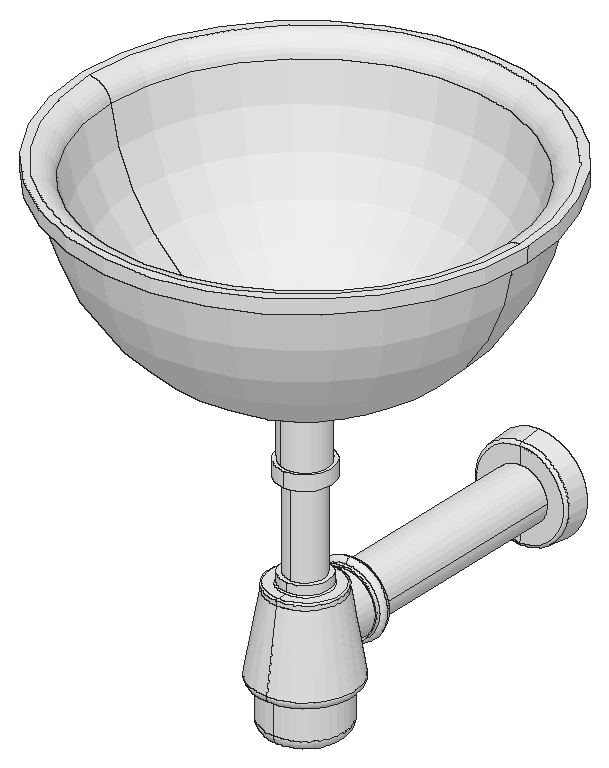
Revit family "2Celite_Embutir_Cuba Redonda_10129", category Plumbing Fixtures, Revit 2014
Parameters (values of type "Branca - 10129")
  WFU = 2
  Type Comments = ""
  Raio Ponto de Esgoto = 20 mm
  Place on face [instance] = no
  Outros Complementos [instance] = "Sifão para lavatório 1\"x1.1⁄2\" com tubo de 300 mm (B5816C5CRB) + Válvula de escoamento para lavatório, 1\" sem ladrão com tampa plástica (B5828C5CR3), linha Complementos - Metais Celite"
  Louças [instance] = Celite - Louça_Branca
  Desnível Aux. Ponto de Esgoto [instance] = 300 mm
  HWFU = 0
  Diâmetro Ponto de Esgoto = Raio Ponto de Esgoto * 2  # 40 mm
  Distância Parede/Face [instance] = 50 mm
  Tipo de Sifão [instance] = Celite_Complementos_Sifão de Uso Geral : Sifão para lavatório - B5816C5CRB
  Complemento Celite [instance] = yes
  URL = "http://www.celite.com.br"
  Selo de Qualidade ofcdesk = "Standard"  # constant formula
  Model = Celite: Código  # "10129"
  Metais [instance] = Celite - Cromado
  Manufacturer = Celite: Fabricante  # "Celite"
  Elevação somente no plano [instance] = 800 mm
  Description = Celite: Descrição  # "Cuba redonda cor branca (10129), linha Embutir - Louças Celite"
  Default Elevation = 0 mm
  Desenvolvido por = "ofcdesk"  # constant formula
  Com Válvula (quantificável) [instance] = yes
  Com Sifão (quantificável) [instance] = yes
  Celite: Versão = "Autodesk Revit MEP 2014"  # constant formula
  Celite: Vazão de Esgoto [instance] = 0.0 L/s
  Celite: Tipo = "Cubas"  # constant formula
  Celite: Produto = "Louças"  # constant formula
  Celite: Norma = "ABNT NBR 15097-1: 2011 - Requisitos e métodos de ensaio"
  Celite: Link do Produto = "http://www.celite.com.br/pt/produtos/categoria/1/tipo/1/subtipo/3/"
  Celite: Linha = "Embutir "  # constant formula
  Celite: Informações Técnicas [instance] = "N/A"
  Celite: Informações Gerais [instance] = "N/A"
  Celite: Fabricante = "Celite"  # constant formula
  Celite: Desenho Técnico = "http://www.celite.com.br/media/uploads/desenhos_tecnicos/10129.gif"
  Celite: Descrição = "Cuba redonda cor branca (10129), linha Embutir - Louças Celite"
  Celite: Código = "10129"
  Celite: Cores Disponíveis = "Branco"
  Celite: Copyright © = "© 2014 Celite"  # constant formula
  Celite: Complementos [instance] = if(Complemento Celite, Outros Complementos, "N/A")  # "Sifão para lavatório 1\"x1.1⁄2\" com tubo de 300 mm (B5816C5CRB) + Válvula de escoamento para lavatório, 1\" sem ladrão com tampa plástica (B5828C5CR3), linha Complementos - Metais Celite"
  Celite: Categoria = "Cubas e Lavatórios"  # constant formula
  Celite: Altura da torneira [instance] = Elevação somente no plano  # 800 mm
  Celite: Altura da Peça [instance] = Elevação somente no plano  # 800 mm
  Celite: Altura Ponto de Esgoto [instance] = Altura Ponto de Esgoto  # 500 mm
  CWFU = 0
  Assembly Code = "D2010400"
  Desnível Ponto de Esgoto [instance] = if(not(Place on face), Elevação somente no plano - Altura Ponto de Esgoto, Desnível Aux. Ponto de Esgoto)  # 300 mm
  Altura Ponto de Esgoto [instance] = 500 mm
Types (6, lengths in mm): name | Louças | Description | Celite: Descrição | Celite: Cores Disponíveis
  (no name) | Celite - Louça_Branca | "Cuba redonda cor branca (10129), linha Embutir - Louças Celite" | "Cuba redonda cor branca (10129), linha Embutir - Louças Celite" | "Branco"
  Branca - 10129 | Celite - Louça_Branca | "Cuba redonda cor branca (10129), linha Embutir - Louças Celite" | "Cuba redonda cor branca (10129), linha Embutir - Louças Celite" | "Branco"
  Pergamon - 10129 | Celite - Louça_Pergamon | "Cuba redonda cor pergamon (10129), linha Embutir - Louças Celite" | "Cuba redonda cor pergamon (10129), linha Embutir - Louças Celite" | "Pergamon"
  Água marinha - 10129 | Celite - Louça_ÁguaMarinha | "Cuba redonda cor água marinha (10129), linha Embutir - Louças Celite" | "Cuba redonda cor água marinha (10129), linha Embutir - Louças Celite" | "Água marinha"
  Preta - 10129 | Celite - Louça_Preta | "Cuba redonda cor preta (10129), linha Embutir - Louças Celite" | "Cuba redonda cor preta (10129), linha Embutir - Louças Celite" | "Preto"
  Cinza prata - 10129 | Celite - Louça_CinzaPrata | "Cuba redonda cor cinza prata (10129), linha Embutir - Louças Celite" | "Cuba redonda cor cinza prata (10129), linha Embutir - Louças Celite" | "Cinza prata"
Reference planes
  plane 1 "Center (Front/Back)": y = 0
  plane 2: z = 0
  plane 3 "Center (Left/Right)": x = 0
  plane 4: z = 800
  plane 5: y = -50
  plane 6: z = 500
  plane 7: y = -210
  plane 8: y = -50
  plane 9: z = 607.793
  plane 10: z = 599.5
Dimensions and locks
  "Elevação somente no plano": plane 4 to plane 2
  "Distância Parede/Face": plane 1 "Center (Front/Back)" to plane 5
  "Desnível Ponto de Esgoto": plane 4 to plane 6
  plane 5 to plane 8 to plane 7 = 0 mm, 160 mm locked
  plane 4 to plane 9 to plane 10 = 192.207 mm locked, 8.293 mm locked
  aligned and locked: level to plane 2
  aligned and locked: nested 2 to plane 7
  aligned and locked: plane 1 "Center (Front/Back)" to nested 2
  aligned and locked: plane 6 to nested 2
  aligned and locked: plane 9 to nested 2
  aligned and locked: plane 8 to nested 3
Nested families
  nested 1: "Celite_Complementos_Válvula de Escoamento" at (0, -210.393, 670) x (-0.3097, -0.9508, 0) z (0, 0, 1), Metais <- "Metais", visible <- "Com Válvula (quantificável)", type "Válvula de escoamento para lavatório - B5828C5CR3"
    with Raio2 30 mm, Raio1 16 mm, Raio furo 15 mm, Metais Celite - Cromado, L/Rosca 62.018 mm, Comprimento 70.5 mm, Celite: Norma "ABNT NBR 15423:2006 - Requisitos e métodos de ensaio"
  nested 2: "Celite_Complementos_Sifão de Uso Geral" at (0, 0, 500), visible <- "Com Sifão (quantificável)", Metais <- "Metais", Celite: Vazão de Projeto <- "Celite: Vazão de Esgoto", type "Sifão para lavatório - B5816C5CRB"
    with Raio1 16 mm, Metais Celite - Cromado, Elevação 0 mm, Celite: Vazão de Projeto 0.0 L/s, Celite: Informações Técnicas "N/A", Celite: Informações Gerais "N/A", Celite: Altura da Peça 0 mm, Ajuste Vetical no Lavatório 107.793 mm, Afastamento da Parede 210 mm
  nested 3: "10129" at (0, -210, 800), Louças <- "Louças", type "10129"
    with Louças Celite - Louça_Branca
Connectors
  piping at (0, -14.131, 500), diameter 40, driven by "Raio Ponto de Esgoto", driven by "Celite: Vazão de Esgoto", driven by "WFU"
    settings: on nested 2, index 1, connector inside diameter 609.6 mm, connector length 0 mm, flow factor 0, pipe flow 0.0 L/s, pressure drop 0.0 kPa, fitting loss kfactor 0, connector angle 0.00°, fixture units 2, engagement length 0 mm, angle of deflection 0.00°, flow configuration 3, flow direction 2, fitting loss method 0, system type 16, joint type 0, gender type 0, connector reference index -1, connector utility 0, adjustable connector no, is connector primary yes, connector description ""
Definition of nested family "Celite_Complementos_Válvula de Escoamento"
  Parameters (values of type "Válvula de escoamento para lavatório - B5828C5CR3")
    Waste Connection = 1 = 0  # no
    WFU = 0  # constant formula
    Vent Connection = 1 = 0  # no
    URL = "http://www.celite.com.br"
    Selo de Qualidade ofcdesk = "Standard"  # constant formula
    Raio1 [instance] = 16 mm
    Raio2 [instance] = 30 mm
    Raio furo [instance] = 15 mm
    Model = Celite: Código  # "B5828C5CR3"
    Metais [instance] = Celite - Cromado
    Manufacturer = Celite: Fabricante  # "Celite"
    L/Rosca [instance] = 59.5 mm
    HWFU = 0  # constant formula
    HW Connection = 1 = 0  # no
    Desenvolvido por = "ofcdesk"  # constant formula
    Description = Celite: Descrição  # "Válvula de escoamento para lavatório, 1\" sem ladrão com tampa plástica (B5828C5CR3), Complementos - Metais Celite"
    Default Elevation = 0 mm
    Comprimento [instance] = 70.5 mm
    Celite: Versão = "Autodesk Revit MEP 2014"  # constant formula
    Celite: Tipo = "Válvulas de escoamento"  # constant formula
    Celite: Produto = "Metais"  # constant formula
    Celite: Norma [instance] = "ABNT NBR 15423:2006 - Requisitos e métodos de ensaio"
    Celite: Link do Produto = "http://www.celite.com.br/pt/produtos/categoria/2/tipo/10/subtipo/19/"
    Celite: Linha = "Válvulas"  # constant formula
    Celite: Informações Técnicas = "N/A"
    Celite: Informações Gerais = "N/A"
    Celite: Fabricante = "Celite"  # constant formula
    Celite: Desenho Técnico = "http://www.celite.com.br/media/uploads/desenhos_tecnicos/A5828C5CR3_Valvula_de_escoamento_Lavatorio.pdf"
    Celite: Descrição = "Válvula de escoamento para lavatório, 1\" sem ladrão com tampa plástica (B5828C5CR3), Complementos - Metais Celite"
    Celite: Código = "B5828C5CR3"
    Celite: Cores Disponíveis = "Cromado"
    Celite: Copyright © = "© 2014 Celite"  # constant formula
    Celite: Categoria = "Complementos"  # constant formula
    CW Connection = 1 = 0  # no
    Assembly Code = "D2010"
  Types (5, lengths in mm): name | Raio1 | Raio2 | Raio furo | Model | L/Rosca | Description | Comprimento | Celite: Desenho Técnico | Celite: Descrição | Celite: Código
    (no name) | 16 | 30 | 15 | "B5828C5CR3" | 59.5 | "Válvula de escoamento para lavatório, 1\" sem ladrão com tampa plástica (B5828C5CR3), Complementos - Metais Celite" | 70.5 | "http://www.celite.com.br/media/uploads/desenhos_tecnicos/A5828C5CR3_Valvula_de_escoamento_Lavatorio.pdf" | "Válvula de escoamento para lavatório, 1\" sem ladrão com tampa plástica (B5828C5CR3), Complementos - Metais Celite" | "B5828C5CR3"
    Válvula de escoamento para lavatório - B5828C5CR3 | 16 | 30 | 15 | "B5828C5CR3" | 59.5 | "Válvula de escoamento para lavatório, 1\" sem ladrão com tampa plástica (B5828C5CR3), Complementos - Metais Celite" | 70.5 | "http://www.celite.com.br/media/uploads/desenhos_tecnicos/A5828C5CR3_Valvula_de_escoamento_Lavatorio.pdf" | "Válvula de escoamento para lavatório, 1\" sem ladrão com tampa plástica (B5828C5CR3), Complementos - Metais Celite" | "B5828C5CR3"
    Válvula de escoamento para tanque - B5829C5CR3 | 20 | 32.8 | 18 | "B5829C5CR3" | 57 | "Válvula de escoamento para tanque (B5829C5CR3), Complementos - Metais Celite" | 65.5 | "http://www.celite.com.br/media/uploads/desenhos_tecnicos/A5829C5CR3_Valvula_de_escoamento_Tanque.pdf" | "Válvula de escoamento para tanque (B5829C5CR3), Complementos - Metais Celite" | "B5829C5CR3"
    Válvula de escoamento para cozinha - B5830C5CRB | 25 | 44 | 25 | "B5830C5CRB" | 35 | "Válvula de escoamento para cozinha, 3.1/2\" x 1.1/2\" com cesta metal (B5830C5CRB), Complementos - Metais Celite" | 45 | "http://www.celite.com.br/media/uploads/desenhos_tecnicos/A5830C5CRB_Valvula_de_escoamento_Cozinha_3-1.2.pdf" | "Válvula de escoamento para cozinha, 3.1/2\" x 1.1/2\" com cesta metal (B5830C5CRB), Complementos - Metais Celite" | "B5830C5CRB"
    Válvula de escoamento para cozinha - B5831C5CRB | 25 | 56.5 | 30 | "B5831C5CRB" | 35 | "Válvula de escoamento para cozinha, 4.1/2\" x 1.1/2\" com cesta metal (B5831C5CRB), Complementos - Metais Celite" | 49 | "http://www.celite.com.br/media/uploads/desenhos_tecnicos/A5831C5CRB_Valvula_de_escoamento_Cozinha_4-1.2.pdf" | "Válvula de escoamento para cozinha, 4.1/2\" x 1.1/2\" com cesta metal (B5831C5CRB), Complementos - Metais Celite" | "B5831C5CRB"
  Reference planes
    plane 1 "Center (Front/Back)": y = 0
    plane 2: z = 0
    plane 3 "Center (Left/Right)": x = 0
    plane 4: z = -70.5
    plane 5: z = -11
  Forms (mm)
    Extrusion 1, solid
      sketch origin (0, 0, 0) x (1, 0, 0) y (0, 1, 0)
        loop
          line (-400, 400) -> (-400, -400.224) -> (399.59, -400.224) -> (399.59, 400) -> (-400, 400)
      from 0 to -304.8
    Revolve 2, solid, material "Celite - Cromado" <- "Metais"
      sketch origin (0, 0, 0) x (1, 0, 0) y (0, 0, 1)
        loop
          line (0, -8.185) -> (-15, -8.185) -> (-15, 1) -> (-30, 1) -> (-30, 0) -> (-16, -11) -> (-16, -70.5) -> (0, -70.5) -> (0, -8.185)
        axis (0, 1) -> (0, -70.5)
      angle from 0 to 360
  Dimensions and locks
    "Comprimento": level to plane 4
    "L/Rosca": plane 5 to plane 4
    "Raio1": plane 3 "Center (Left/Right)" to Revolve 2 sketch curve
    "Raio2": plane 3 "Center (Left/Right)" to Revolve 2 sketch curve
    locked: plane 2 to Revolve 2 sketch curve at 8.185
    "Raio furo": plane 3 "Center (Left/Right)" to Revolve 2 sketch curve
    aligned and locked: plane 2 to Extrusion 1
    aligned and locked: level to Extrusion 1
    aligned and locked: Revolve 2 sketch curve to plane 3 "Center (Left/Right)"  (x2)
    aligned and locked: plane 5 to Revolve 2 sketch curve
    aligned and locked: plane 4 to Revolve 2 sketch curve
    aligned and locked: level to Revolve 2 sketch curve
  Automatic sketch dimensions
    Extrusion 1 sketch curve to Extrusion 1 sketch curve = 799.59 mm
    Extrusion 1 sketch curve to Extrusion 1 sketch curve = 800.224 mm
    Revolve 2 sketch curve to Revolve 2 sketch curve = 1 mm
    level to Revolve 2 sketch curve = 25 mm
    Revolve 2 sketch curve to Revolve 2 sketch curve = 60 mm
Definition of nested family "Celite_Complementos_Sifão de Uso Geral"
  Parameters (values of type "Sifão para cozinha - B5817C5CRB")
    WFU = 2
    URL = "http://www.celite.com.br"
    Selo de Qualidade ofcdesk = "Standard"  # constant formula
    Raio1 [instance] = 16 mm
    Raio Ponto de Esgoto = 20 mm
    Model = Celite: Código  # "B5817C5CRB"
    Metais [instance] = Celite - Cromado
    Manufacturer = Celite: Fabricante  # "Celite"
    Elevação [instance] = 680 mm
    Diâmetro Ponto de Esgoto = Raio Ponto de Esgoto * 2  # 40 mm
    Desenvolvido por = "ofcdesk"  # constant formula
    Description = Celite: Descrição  # "Sifão para cozinha 1.1⁄2”x 1.1⁄2” com tubo de 300 mm (B5817C5CRB), linha Complementos - Metais Celite"
    Default Elevation = 0 mm
    Celite: Versão = "Autodesk Revit MEP 2014"  # constant formula
    Celite: Vazão de Projeto [instance] = 0.0 L/s
    Celite: Tipo = "Sifões"  # constant formula
    Celite: Produto = "Metais"  # constant formula
    Celite: Norma = "ABNT NBR 14162:2011 - Requisitos e métodos de ensaio"
    Celite: Link do Produto = "http://www.celite.com.br/pt/produtos/categoria/2/tipo/10/subtipo/9/"
    Celite: Linha = "Complementos"  # constant formula
    Celite: Informações Técnicas [instance] = "N/A"
    Celite: Informações Gerais [instance] = "N/A"
    Celite: Fabricante = "Celite"  # constant formula
    Celite: Desenho Técnico = "http://www.celite.com.br/media/uploads/desenhos_tecnicos/A5817C5CRB.gif"
    Celite: Descrição = "Sifão para cozinha 1.1⁄2”x 1.1⁄2” com tubo de 300 mm (B5817C5CRB), linha Complementos - Metais Celite"
    Celite: Código = "B5817C5CRB"
    Celite: Cores Disponíveis = "Cromado"
    Celite: Copyright © = "© 2014 Celite"  # constant formula
    Celite: Categoria = "Cozinhas e Lavatórios"  # constant formula
    Celite: Altura da Peça [instance] = Elevação  # 680 mm
    Assembly Code = "D2010"
    Ajuste Vetical no Lavatório [instance] = 100 mm
    Afastamento da Parede [instance] = 300 mm
  Types (6, lengths in mm): name | Raio Ponto de Esgoto | Model | Diâmetro Ponto de Esgoto | Description | Celite: Desenho Técnico | Celite: Descrição | Celite: Código
    (no name) | 20 | "B5817C5CRB" | 40 | "Sifão para cozinha 1.1⁄2”x 1.1⁄2” com tubo de 300 mm (B5817C5CRB), linha Complementos - Metais Celite" | "http://www.celite.com.br/media/uploads/desenhos_tecnicos/A5817C5CRB.gif" | "Sifão para cozinha 1.1⁄2”x 1.1⁄2” com tubo de 300 mm (B5817C5CRB), linha Complementos - Metais Celite" | "B5817C5CRB"
    Sifão para lavatório - B5816C5CRB | 20 | "B5816C5CRB" | 40 | "Sifão para lavatório 1\"x1.1⁄2\" com tubo de 300 mm (B5816C5CRB), linha Complementos - Metais Celite" | "http://www.celite.com.br/media/uploads/desenhos_tecnicos/A5816C5CRB.gif" | "Sifão para lavatório 1\"x1.1⁄2\" com tubo de 300 mm (B5816C5CRB), linha Complementos - Metais Celite" | "B5816C5CRB"
    Sifão para tanque com adaptador para 2" - B5005C5CRB | 30 | "B5005C5CRB" | 60 | "Sifão para tanque 1.1⁄4”x 1.1⁄2” com adaptador para 2” e tubo de 200 mm (B5005C5CRB), linha Complementos - Metais Celite" | "http://www.celite.com.br/media/uploads/desenhos_tecnicos/A5005C5CRB.gif" | "Sifão para tanque 1.1⁄4”x 1.1⁄2” com adaptador para 2” e tubo de 200 mm (B5005C5CRB), linha Complementos - Metais Celite" | "B5005C5CRB"
    Sifão para tanque - B5005C5CRB | 20 | "B5005C5CRB" | 40 | "Sifão para tanque 1.1⁄4”x 1.1⁄2” e tubo de 200 mm (B5005C5CRB), linha Complementos - Metais Celite" | "http://www.celite.com.br/media/uploads/desenhos_tecnicos/A5005C5CRB.gif" | "Sifão para tanque 1.1⁄4”x 1.1⁄2” e tubo de 200 mm (B5005C5CRB), linha Complementos - Metais Celite" | "B5005C5CRB"
    Sifão para cozinha com adaptador para 2" - B5817C5CRB | 30 | "B5817C5CRB" | 60 | "Sifão para cozinha 1.1⁄2”x 1.1⁄2” com adaptador para 2” e tubo de 300 mm (B5817C5CRB), linha Complementos - Metais Celite" | "http://www.celite.com.br/media/uploads/desenhos_tecnicos/A5817C5CRB.gif" | "Sifão para cozinha 1.1⁄2”x 1.1⁄2” com adaptador para 2” e tubo de 300 mm (B5817C5CRB), linha Complementos - Metais Celite" | "B5817C5CRB"
    Sifão para cozinha - B5817C5CRB | 20 | "B5817C5CRB" | 40 | "Sifão para cozinha 1.1⁄2”x 1.1⁄2” com tubo de 300 mm (B5817C5CRB), linha Complementos - Metais Celite" | "http://www.celite.com.br/media/uploads/desenhos_tecnicos/A5817C5CRB.gif" | "Sifão para cozinha 1.1⁄2”x 1.1⁄2” com tubo de 300 mm (B5817C5CRB), linha Complementos - Metais Celite" | "B5817C5CRB"
  Reference planes
    plane 1 "Center (Front/Back)": y = 0
    plane 2: z = 0
    plane 3 "Center (Left/Right)": x = 0
    plane 4: y = -300
    plane 5: z = 780
    plane 6: z = 680
  Forms (mm)
    Sweep 1, solid, material "Celite - Cromado" <- "Metais"
      path origin (0, 1442.421, 680) x (0, 1, 0) y (-1, 0, 0)
        loop
          line (-1442.421, 0) -> (-1697.421, 0)
      profile origin (0, -127.5, 680) x (1, 0, 0) y (0, 0, 1)
        loop
          circle (0, 0) r 19.05
        loop
          circle (0, 0) r 16
    Revolve 2, solid, material "Celite - Cromado" <- "Metais"
      sketch origin (0, 0, 0) x (0, 1, 0) y (0, 0, 1)
        loop
          line (-255, 680) -> (-255, 701.589)
          arc (-255, 701.589) -> (-256.067, 704.702) -> (-258.821, 706.505) r 5.073
          arc (-258.821, 706.505) -> (-261.574, 706.108) -> (-263.24, 703.88) r 3.635
          line (-263.24, 703.88) -> (-265.857, 703.88) -> (-265.857, 680) -> (-255, 680)
        axis (-265.857, 680) -> (-255, 680)
      angle from 0 to 360
    SweptBlend 3, solid, material "Celite - Cromado" <- "Metais"
      path origin (0, 0, 0) x (0, 1, 0) y (0, 0, 1)
        loop
          line (-265.857, 680) -> (-300, 680)
      profile origin (0, -265.857, 680) x (0, 0, -1) y (1, 0, 0)
        loop
          circle (0, 0) r 22.486
      end profile origin (0, -300, 680) x (0, 0, -1) y (1, 0, 0)
        loop
          circle (0, 0) r 21.589
    Revolve 4, solid, material "Celite - Cromado" <- "Metais"
      sketch origin (0, 0, 0) x (0, 1, 0) y (0, 0, 1)
        loop
          line (-300, 704.157) -> (-274.606, 704.157) -> (-274.606, 707.127)
          arc (-274.606, 707.127) -> (-274.901, 707.84) -> (-275.614, 708.135) r 1.008
          line (-275.614, 708.135) -> (-282.5, 708.135) -> (-283.521, 709.156) -> (-300, 709.156) -> (-300, 704.157)
        axis (-300, 709.156) -> (-300, 704.157)
      angle from 0 to 360
    Sweep 5, solid, material "Celite - Cromado" <- "Metais"
      path origin (0, 0, 0) x (0, 1, 0) y (0, 0, 1)
        loop
          line (-300, 709.156) -> (-300, 715.122)
      profile origin (0, -300, 712.139) x (0, -1, 0) y (1, 0, 0)
        loop
          circle (0, 0) r 16.479
    Sweep 6, solid, material "Celite - Cromado" <- "Metais"
      path origin (0, 0, 0) x (0, 1, 0) y (0, 0, 1)
        loop
          line (-300, 715.122) -> (-300, 769.613)
      profile origin (0, -300, 742.368) x (0, -1, 0) y (1, 0, 0)
        loop
          circle (0, 0) r 13
    Revolve 7, solid, material "Celite - Cromado" <- "Metais"
      sketch origin (0, 0, 0) x (0, 1, 0) y (0, 0, 1)
        loop
          line (0, 699.07) -> (0, 714.571)
          arc (0, 714.571) -> (-7.459, 714.035) -> (-14.888, 713.172) r 170.27
          arc (-14.888, 713.172) -> (-16.254, 712.452) -> (-16.959, 711.077) r 2.565
          line (-16.959, 711.077) -> (-16.959, 699.07) -> (0, 699.07)
        axis (-16.959, 680) -> (0, 680)
      angle from 0 to 360
    Sweep 8, void
      path origin (0, 1442.421, 680) x (0, 1, 0) y (-1, 0, 0)
        loop
          line (-1440.976, 0) -> (-1456.552, 0)
      profile origin (0, -6.343, 680) x (1, 0, 0) y (0, 0, 1)
        loop
          circle (0, 0) r 30
    Revolve 9, solid, material "Celite - Cromado" <- "Metais"
      sketch origin (0, 0, 0) x (0, 1, 0) y (0, 0, 1)
        loop
          line (-300, 771.707) -> (-300, 769.613) -> (-281.111, 769.613) -> (-281.111, 780) -> (-284, 780) -> (-284, 771.707) -> (-300, 771.707)
        axis (-300, 780) -> (-300, 769.613)
      angle from 0 to 360
    Revolve 10, solid, material "Celite - Cromado" <- "Metais"
      sketch origin (0, 0, 0) x (0, 1, 0) y (0, 0, 1)
        loop
          line (-300, 704.157) -> (-325.394, 704.157) -> (-334.85, 649.952)
          arc (-334.85, 649.952) -> (-333.712, 646.324) -> (-330.244, 644.765) r 4.638
          line (-330.244, 644.765) -> (-328.223, 644.765) -> (-328.223, 621.563)
          arc (-328.223, 621.563) -> (-326.054, 616.326) -> (-320.818, 614.157) r 7.405
          line (-320.818, 614.157) -> (-300, 614.157) -> (-300, 704.157)
        axis (-300, 704.157) -> (-300, 614.157)
      angle from 0 to 360
  Cuts and joins
    Sweep 8 cuts Sweep 1
    joined: Sweep 1, Revolve 2, SweptBlend 3, Revolve 4, Sweep 5, Sweep 6, Revolve 9, Revolve 10
    Sweep 8 cuts Revolve 7
  Dimensions and locks
    "Ajuste Vetical no Lavatório": plane 5 to plane 6
    "Elevação": plane 6 to level
    locked: Sweep 1 sketch curve to plane 4 at 45
    Sweep 8 sketch curve to Sweep 8 sketch curve = 15.576 mm
    Revolve 7 sketch curve to Revolve 7 sketch curve to Revolve 7 sketch curve = 14.888 mm locked, 2.071 mm locked
    locked: Revolve 9 sketch curve to Revolve 9 sketch curve at 2.889
    "Raio1": Revolve 9 sketch curve to plane 4
    plane 5 to Revolve 9 sketch curve to Revolve 9 sketch curve = 8.293 mm locked, 2.093 mm locked
    Revolve 7 sketch curve to Revolve 7 sketch curve to Revolve 7 sketch curve to Revolve 7 sketch curve to plane 6 = 1.399 mm locked, 2.095 mm locked, 12.007 mm locked, 19.07 mm locked
    "Afastamento da Parede": plane 1 "Center (Front/Back)" to plane 4
    radius of Sweep 1 sketch curve = 16 mm
    radius of Revolve 7 sketch curve = 2.565 mm
    aligned and locked: level to plane 2
    aligned and locked: plane 6 to Revolve 2 sketch curve
    aligned and locked: Revolve 2 sketch curve to plane 6
    aligned and locked: SweptBlend 3 sketch curve to plane 6
    aligned and locked: Revolve 4 sketch curve to plane 4
    aligned and locked: Sweep 5 sketch curve to plane 4
    aligned and locked: Revolve 4 to Sweep 5 sketch curve
    aligned and locked: Sweep 5 sketch curve to Revolve 4  (x2)
    aligned and locked: Sweep 5 to Sweep 6 sketch curve
    aligned and locked: Sweep 6 sketch curve to plane 4
    aligned and locked: Revolve 9 sketch curve to plane 4
    aligned and locked: plane 4 to Revolve 9 sketch curve
    aligned and locked: plane 4 to Revolve 10 sketch curve
    aligned and locked: Revolve 10 sketch curve to plane 4
    aligned and locked: plane 4 to SweptBlend 3 sketch curve
    aligned and locked: cut or joined group of Sweep 1, Revolve 2, SweptBlend 3, Revolve 4, Sweep 5, Sweep 6, Sweep 8, Revolve 9, Revolve 10 to SweptBlend 3 sketch curve
    aligned and locked: plane 6 to Sweep 8 sketch curve
    aligned and locked: plane 3 "Center (Left/Right)" to Sweep 8 sketch curve
  Automatic sketch dimensions
    Sweep 1 sketch curve to plane 3 "Center (Left/Right)" = 0 mm
    Revolve 4 sketch curve to plane 4 = 0 mm
    plane 4 to Revolve 4 sketch curve = 16.479 mm
    Revolve 4 sketch curve to Revolve 4 sketch curve = 1.021 mm  (x2)
    Revolve 4 sketch curve to Revolve 4 sketch curve = 6.886 mm
    Revolve 4 sketch curve to Revolve 4 sketch curve = 1.008 mm
    plane 6 to Revolve 4 sketch curve = 22.296 mm
    Revolve 4 sketch curve to Revolve 4 sketch curve = 1.862 mm
    Revolve 4 sketch curve to Revolve 4 sketch curve = 0 mm
    Revolve 4 sketch curve to Revolve 4 sketch curve = 2.97 mm
    Sweep 6 sketch curve to plane 3 "Center (Left/Right)" = 0 mm
    Sweep 6 sketch curve to profile plane = 0 mm
    SweptBlend 3 sketch curve to plane 3 "Center (Left/Right)" = 0 mm  (x2)
    SweptBlend 3 sketch curve to profile plane = 0 mm  (x2)
    Sweep 1 sketch curve to Sweep 1 sketch curve = 0 mm  (x2)
    Sweep 1 sketch curve to plane 6 = 0 mm
    profile plane to Sweep 1 sketch curve = 0 mm
    Sweep 6 sketch curve to plane 5 = 10.387 mm
    Revolve 7 sketch curve to plane 1 "Center (Front/Back)" = 0 mm  (x2)
    Revolve 7 sketch curve to plane 6 = 0 mm
    Revolve 7 sketch curve to plane 1 "Center (Front/Back)" = 5 mm
    Sweep 5 sketch curve to Sweep 5 sketch curve = 5.967 mm
    Revolve 10 sketch curve to Revolve 10 sketch curve = 20.818 mm
    Revolve 10 sketch curve to Revolve 10 sketch curve = 25.394 mm
    Revolve 10 sketch curve to Revolve 10 sketch curve = 7.405 mm
    Revolve 10 sketch curve to Revolve 10 sketch curve = 2.021 mm
    Revolve 10 sketch curve to Revolve 10 sketch curve = 4.606 mm
    Revolve 10 sketch curve to plane 6 = 95.843 mm
    Revolve 10 sketch curve to Revolve 10 sketch curve = 20 mm
    Revolve 10 sketch curve to Revolve 10 sketch curve = 10 mm
    Revolve 10 sketch curve to Revolve 10 sketch curve = 23.202 mm
    Revolve 10 sketch curve to Revolve 10 sketch curve = 4.638 mm
    plane 6 to Revolve 10 sketch curve = 24.157 mm
    SweptBlend 3 sketch curve to SweptBlend 3 sketch curve = 0 mm  (x2)
    SweptBlend 3 sketch curve to SweptBlend 3 sketch curve = 22.486 mm
    plane 4 to Revolve 2 sketch curve = 34.143 mm
    Revolve 2 sketch curve to Revolve 2 sketch curve = 2.616 mm
    Revolve 2 sketch curve to Revolve 2 sketch curve = 3.167 mm
    Revolve 2 sketch curve to Revolve 2 sketch curve = 0.355 mm
    Revolve 2 sketch curve to Revolve 2 sketch curve = 0.897 mm
    Revolve 2 sketch curve to Revolve 2 sketch curve = 0 mm  (x2)
    Revolve 2 sketch curve to Revolve 2 sketch curve = 4.718 mm
    Revolve 2 sketch curve to Revolve 2 sketch curve = 5 mm
    plane 6 to Revolve 2 sketch curve = 21.589 mm
    Sweep 8 sketch curve to plane 3 "Center (Left/Right)" = 0 mm
    Revolve 7 sketch curve to plane 1 "Center (Front/Back)" = 8.47 mm
    plane 1 "Center (Front/Back)" to Sweep 1 sketch curve = 0 mm
    Revolve 9 sketch curve to plane 5 = 0 mm
    Revolve 9 sketch curve to plane 5 = 3.821 mm
    plane 5 to Revolve 9 sketch curve = 8.366 mm
    radius of Sweep 6 sketch curve = 13 mm
    radius of SweptBlend 3 sketch curve = 21.589 mm
    radius of Sweep 1 sketch curve = 19.05 mm
    radius of Sweep 8 sketch curve = 30 mm
  Connectors
    piping at (0, 0, 680), diameter 40, driven by "WFU", driven by "Raio Ponto de Esgoto", driven by "Celite: Vazão de Projeto"
      settings: on Sweep 1, index 1, connector inside diameter 40 mm, connector length 0 mm, flow factor 0, pipe flow 0.0 L/s, pressure drop 0.0 kPa, fitting loss kfactor 0, connector angle 0.00°, fixture units 2, engagement length 0 mm, angle of deflection 0.00°, flow configuration 3, flow direction 2, fitting loss method 0, system type 16, joint type 0, gender type 0, connector reference index -1, connector utility 0, adjustable connector no, is connector primary yes, connector description ""
Definition of nested family "10129"
  Parameters (values of type "10129")
    WFU = 0
    Type Comments = ""
    HWFU = 0
    URL = "http://www.celite.com.br"
    Selo de Qualidade ofcdesk = "Standard"  # constant formula
    Model = ""
    Manufacturer = "Celite"
    Louças [instance] = Celite - Louça_Branca
    Description = ""
    Default Elevation = 0 mm
    Desenvolvido por = "ofcdesk"  # constant formula
    CWFU = 0
    Assembly Code = ""
  Reference planes
    plane 1 "Center (Front/Back)": y = 0
    plane 2: z = 0
    plane 3 "Center (Left/Right)": x = 0
    plane 4 "H": z = 0
    plane 5: x = -160
    plane 6: x = 160
    plane 7: y = 160
    plane 8: y = -160
  Forms (mm)
    Sweep 1, solid, material "Celite - Louça_Branca" <- "Louças"
      path origin (-1528.892, -1524, 0) x (-1, 0, 0) y (0, -1, 0)
        loop
          circle (-1528.892, -1524) r 40
      profile origin (0, 40, 0) x (0, -1, 0) y (0, 0, 1)
        loop
          line (0, -130) -> (-1.002, -130)
          arc (-1.002, -130) -> (-1.432, -129.969) -> (-1.854, -129.877) r 3
          arc (-1.854, -129.877) -> (-68.28, -86.316) -> (-99.594, -13.314) r 137.704
          arc (-99.594, -13.314) -> (-104.506, -3.813) -> (-114.499, 0) r 15
          line (-114.499, 0) -> (-120, 0) -> (-120, -10) -> (-114.499, -10)
          arc (-114.499, -10) -> (-111.168, -11.271) -> (-109.53, -14.438) r 5
          arc (-109.53, -14.438) -> (-75.55, -93.207) -> (-3.524, -139.806) r 147.704
          arc (-3.524, -139.806) -> (-2.841, -139.951) -> (-2.144, -140) r 5
          line (-2.144, -140) -> (0, -140) -> (0, -130)
    Extrusion 2, solid, material "Celite - Louça_Branca" <- "Louças"
      sketch origin (-1528.892, -1524, 0) x (-1, 0, 0) y (0, -1, 0)
        loop
          circle (-1528.892, -1524) r 40
      from -140 to -130
    Revolve 3, void
      sketch origin (0, 0, 0) x (1, 0, 0) y (0, 0, 1)
        loop
          line (0, -140) -> (0, -123.113) -> (-30.6, -123.113) -> (-30.6, -133.113) -> (-18.438, -140) -> (0, -140)
        axis (0, -123.113) -> (0, -140)
      angle from 0 to 360
  Cuts and joins
    Revolve 3 cuts Sweep 1
    Revolve 3 cuts Extrusion 2
    joined: Sweep 1, Extrusion 2
  Dimensions and locks
    plane 4 "H" to plane 2 = 0 mm
    aligned and locked: level to plane 2
